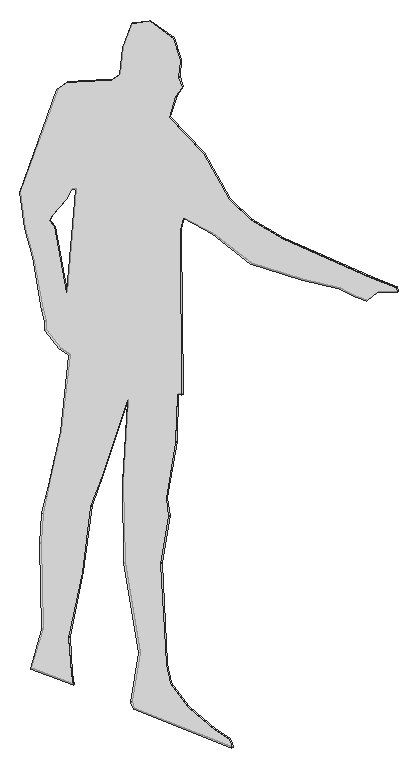
Revit family "Flat Man 05", category Entourage, Revit 2015
Parameters
  Flat Material [instance] = none
  Height = 0 mm
Reference planes
  plane 1 "Center (Front/Back)": y = 0
  plane 2: z = 0
  plane 3 "Center (Left/Right)": x = 0
Forms (mm)
  Extrusion 1, solid, material <- "Flat Material"
    sketch origin (0, 0, 0) x (1, 0, 0) y (0, 0, 1)
      loop
        line (-277.925, 431.463) -> (-284.458, 349.334) -> (-277.925, 118.808) -> (-312.456, 2.146) -> (-311.596, 0) -> (-183.419, 0) -> (-189.262, 32.011) -> (-196.602, 126.462) -> (-156.597, 316.668) -> (-130.466, 503.328) -> (-95.932, 599.457) -> (-19.086, 828.715) -> (-34.329, 602.078) -> (-30.602, 384.798) -> (14.195, 158.006) -> (-9.138, 16.146) -> (-1.798, 0) -> (295.537, 0) -> (293.126, 10.6) -> (284.797, 21.424) -> (243.152, 32.247) -> (164.029, 63.053) -> (110.022, 110.18) -> (98.191, 156.14) -> (81.391, 423.996) -> (104.724, 559.326) -> (98.191, 605.991) -> (126.188, 767.452) -> (131.141, 898.705) -> (144.378, 899.233) -> (139.196, 1338.416) -> (140.187, 1346.097) -> (149.521, 1378.762) -> (235.383, 1366.629) -> (352.044, 1327.431) -> (506.036, 1338.63) -> (620.83, 1352.629) -> (637.749, 1351.94) -> (666.803, 1348.582) -> (701.058, 1350.271) -> (732.065, 1382.402) -> (793.724, 1407.168) -> (792.033, 1419.512) -> (714.16, 1417.96) -> (448.172, 1431.96) -> (350.177, 1448.758) -> (286.714, 1478.625) -> (208.538, 1576.097) -> (106.844, 1637.873) -> (126.188, 1700.75) -> (144.854, 1733.415) -> (135.523, 1756.748) -> (140.187, 1803.413) -> (118.723, 1854.744) -> (46.86, 1878.077) -> (-7.272, 1851.944) -> (-35.269, 1777.28) -> (-44.601, 1700.75) -> (-65.133, 1679.284) -> (-170.596, 1637.285) -> (-205.127, 1623.286) -> (-233.128, 1595.287) -> (-345.121, 1276.098) -> (-331.122, 1182.768) -> (-305.922, 1114.638) -> (-277.925, 982.109) -> (-268.59, 954.11) -> (-268.59, 930.779) -> (-223.793, 895.313) -> (-196.174, 887.422) -> (-222.424, 673.023) -> (-254.592, 529.461) -> (-277.925, 431.463)
      loop
        line (-189.262, 1338.63) -> (-205.127, 1305.964) -> (-249.924, 1245.3) -> (-254.592, 1231.3) -> (-240.593, 1220.1) -> (-204.898, 1055.735) -> (-177.129, 1343.296) -> (-189.262, 1338.63)
    from -2.5 to 2.5
Lines and regions (mm)
  model lines
    curve 1: line (0, 148, 0) -> (0, -152, 0)
    curve 2: line (148.202, -0.202, 0) -> (-151.798, -0.202, 0)
Dimensions and locks
  aligned and locked: level to plane 2
